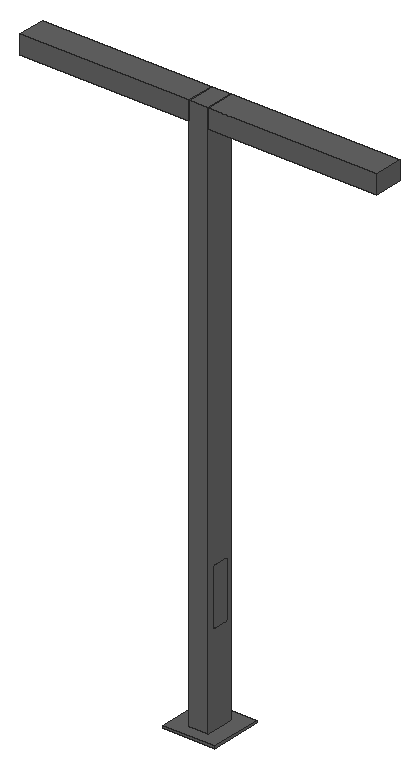
Revit family "Lin2-9.84ft-Double Head", category Lighting Fixtures, Revit 2022
Family settings
  Round Connector Dimension = Use Diameter
  Part Type = Normal
  OmniClass Number = 23.80.70.00
  OmniClass Title = Lighting
  Work Plane-Based = No
  Always vertical = Yes
  Cut with Voids When Loaded = No
  Light Source = No
  Maintain Annotation Orientation = No
  Shared = No
  Room Calculation Point = No
Parameters (values of type "LIN2-80W-3000K-V-9.84ft")
  Wattage Comments = "80W"
  URL = "https://www.abovealllighting.com/Product/LED-OUTDOOR-FIXTURES/LEDMOONSERIESPOSTTOP/MACKLINColumnLight.html"
  Power Factor = "0.9"
  Model = "LIN2-8030801-V-BK"
  Manufacturer = "Above All Lighting"  # constant formula
  Load Classification = Lighting
  Lamp = "LED"
  Input Voltage = "120-277V"
  IP Rating = "IP65"
  IES = LIN2 IES : 80W-V
  H = 9' - 10.07928"
  Default Elevation = 0' - 0"
  CRI = "80"
Types (17): name | Wattage Comments | Model | IES
  (no name) | "80W" | "LIN2-8030801-V-BK" | LIN2 IES : 80W-V
  LIN2-70W-3000K-II-9.84ft | "70W" | "LIN2-7030801-II-BK" | LIN2 IES : 70W-II
  LIN2-70W-3000K-III-9.84ft | "70W" | "LIN2-7030801-III-BK" | LIN2 IES : 70W-III
  LIN2-70W-3000K-IV-9.84ft | "70W" | "LIN2-7030801-IV-BK" | LIN2 IES : 70W-IV
  LIN2-70W-3000K-V-9.84ft | "70W" | "LIN2-7030801-V-BK" | LIN2 IES : 70W-V
  LIN2-80W-3000K-II-9.84ft | "80W" | "LIN2-8030801-II-BK" | LIN2 IES : 80W-II
  LIN2-80W-3000K-III-9.84ft | "80W" | "LIN2-8030801-III-BK" | LIN2 IES : 80W-III
  LIN2-80W-3000K-IV-9.84ft | "80W" | "LIN2-8030801-IV-BK" | LIN2 IES : 80W-IV
  LIN2-80W-3000K-V-9.84ft | "80W" | "LIN2-8030801-V-BK" | LIN2 IES : 80W-V
  LIN2-100W-3000K-II-9.84ft | "100W" | "LIN2-10030801-II-BK" | LIN2 IES : 100W-II
  LIN2-100W-3000K-III-9.84ft | "100W" | "LIN2-10030801-III-BK" | LIN2 IES : 100W-III
  LIN2-100W-3000K-IV-9.84ft | "100W" | "LIN2-10030801-IV-BK" | LIN2 IES : 100W-IV
  LIN2-100W-3000K-V-9.84ft | "100W" | "LIN2-10030801-V-BK" | LIN2 IES : 100W-V
  LIN2-120W-3000K-II-9.84ft | "120W" | "LIN2-12030801-II-BK" | LIN2 IES : 120W-II
  LIN2-120W-3000K-III-9.84ft | "120W" | "LIN2-12030801-III-BK" | LIN2 IES : 120W-III
  LIN2-120W-3000K-IV-9.84ft | "120W" | "LIN2-12030801-IV-BK" | LIN2 IES : 120W-IV
  LIN2-120W-3000K-V-9.84ft | "120W" | "LIN2-12030801-V-BK" | LIN2 IES : 120W-V
Reference planes (in)
  plane 1 "Light Source Axis (F/B)": y = 0
  plane 2: z = 0
  plane 3 "Light Source Axis (L/R)": x = 0
  plane 4 "Light Source Elevation": z = 114.13928
  plane 5: z = 118.07928
  plane 6: x = -1.99
  plane 7: x = 1.99
  plane 8: x = 37.42
  plane 9: z = 114.13928
Forms (in)
  Extrusion 1, solid, material "Metal, Paint Finish, White, Matte"
    sketch origin (0, 0, 0) x (1, 0, 0) y (0, 1, 0)
      loop
        line (-1.99, 2.95) -> (-1.99, -2.95) -> (1.99, -2.95) -> (1.99, 2.95) -> (-1.99, 2.95)
    from 0 to 118.07928
  Extrusion 2, solid, material "Metal, Paint Finish, White, Matte"
    sketch origin (0, 0, 0) x (1, 0, 0) y (0, 1, 0)
      loop
        line (1.99, 2.95) -> (1.99, -2.95) -> (37.42, -2.95) -> (37.42, 2.95) -> (1.99, 2.95)
    from 114.13928 to 118.07928
  Extrusion 3, solid, material "Metal, Paint Finish, White, Matte"
    sketch origin (0, 0, 0) x (1, 0, 0) y (0, 1, 0)
      loop
        line (-5.51, 5.51) -> (-5.51, -5.51) -> (5.51, -5.51) -> (5.51, 5.51) -> (-5.51, 5.51)
    from 0 to 0.394
  Extrusion 4, solid, material "Glass, White, High Luminance"
    sketch origin (1.10399, 0, 0) x (1, 0, 0) y (0, 1, 0)
      loop
        line (20.18595, 1.42747) -> (20.18595, -1.42747) -> (29.42, -1.42747) -> (29.42, 1.42747) -> (20.18595, 1.42747)
    from 114.06559 to 114.13928
  Extrusion 5, solid, material "Metal, Paint Finish, White, Matte"
    sketch origin (0, 0, 0) x (0, 1, 0) y (0, 0, 1)
      loop
        arc (-1.27, 31.5) -> (-1.62355, 31.35355) -> (-1.77, 31) r 0.5
        line (-1.77, 31) -> (-1.77, 20.19)
        arc (-1.77, 20.19) -> (-1.62355, 19.83645) -> (-1.27, 19.69) r 0.5
        line (-1.27, 19.69) -> (1.27, 19.69)
        arc (1.27, 19.69) -> (1.62355, 19.83645) -> (1.77, 20.19) r 0.5
        line (1.77, 20.19) -> (1.77, 31)
        arc (1.77, 31) -> (1.62355, 31.35355) -> (1.27, 31.5) r 0.5
        line (1.27, 31.5) -> (-1.27, 31.5)
    from 1.99 to 2.21533
  Extrusion 6, solid, material "Glass, White, High Luminance"
    sketch origin (-11.39601, 0, 0) x (1, 0, 0) y (0, 1, 0)
      loop
        line (20.18595, 1.42747) -> (20.18595, -1.42747) -> (29.42, -1.42747) -> (29.42, 1.42747) -> (20.18595, 1.42747)
    from 114.06559 to 114.13928
  Extrusion 7, solid, material "Metal, Paint Finish, White, Matte"
    sketch origin (0, 0, 0) x (-1, 0, 0) y (0, -1, 0)
      loop
        line (1.99, -2.95) -> (37.42, -2.95) -> (37.42, 2.95) -> (1.99, 2.95) -> (1.99, -2.95)
    from 114.13928 to 118.07928
  Extrusion 8, solid, material "Glass, White, High Luminance"
    sketch origin (-1.10399, 0, 0) x (-1, 0, 0) y (0, -1, 0)
      loop
        line (20.18595, -1.42747) -> (29.42, -1.42747) -> (29.42, 1.42747) -> (20.18595, 1.42747) -> (20.18595, -1.42747)
    from 114.06559 to 114.13928
  Extrusion 9, solid, material "Glass, White, High Luminance"
    sketch origin (11.39601, 0, 0) x (-1, 0, 0) y (0, -1, 0)
      loop
        line (20.18595, -1.42747) -> (29.42, -1.42747) -> (29.42, 1.42747) -> (20.18595, 1.42747) -> (20.18595, -1.42747)
    from 114.06559 to 114.13928
Dimensions and locks (in)
  locked: plane 5 to plane 9 at 3.94
  locked: plane 8 to Extrusion 1 at 39.41
  "H": plane 5 to level
  locked: Extrusion 3 to Extrusion 3 at 0.394
  locked: Extrusion 1 to Extrusion 1 at 5.9
  locked: Extrusion 3 to Extrusion 3 at 11.02  (x2)
  locked: Extrusion 4 to Extrusion 2 at 0.07369
  locked: plane 8 to Extrusion 1 at 35.43
  locked: Extrusion 8 to Extrusion 7 at 0.07369
  aligned and locked: level to plane 2
  aligned and locked: Extrusion 1 to level
  aligned and locked: plane 5 to Extrusion 1
  aligned and locked: Extrusion 2 sketch curve to Extrusion 1  (x2)
  aligned and locked: plane 5 to Extrusion 2
  aligned and locked: plane 9 to Extrusion 2
  aligned and locked: Extrusion 2 to Extrusion 1
  aligned and locked: Extrusion 1 to plane 5
  aligned and locked: Extrusion 3 to level
  aligned and locked: plane 9 to plane 4 "Light Source Elevation"
  aligned and locked: Extrusion 4 to plane 9
  aligned and locked: Extrusion 5 to Extrusion 1
  aligned and locked: Extrusion 6 to plane 9
  aligned and locked: Extrusion 6 to Extrusion 4
  aligned and locked: Extrusion 9 to Extrusion 8
  aligned and locked: plane 5 to Extrusion 7
  aligned and locked: plane 9 to Extrusion 7
  aligned and locked: Extrusion 8 to plane 9
  aligned and locked: Extrusion 9 to plane 9
  aligned and locked: Extrusion 9 to Extrusion 4
  aligned and locked: Extrusion 8 to Extrusion 4
  aligned and locked: plane 9 to nested 1
  aligned and locked: nested 2 to plane 9
Automatic sketch dimensions
  Extrusion 1 sketch curve to plane 6 = 0' - 0"
  Extrusion 1 sketch curve to plane 7 = 0' - 0"
  plane 1 "Light Source Axis (F/B)" to Extrusion 1 sketch curve = 0' - 2.95"
  Extrusion 1 sketch curve to plane 1 "Light Source Axis (F/B)" = 0' - 2.95"
  Extrusion 2 sketch curve to plane 7 = 0' - 0"
  Extrusion 2 sketch curve to plane 8 = 0' - 0"
  plane 6 to Extrusion 3 sketch curve = 0' - 3.52"
  plane 7 to Extrusion 3 sketch curve = 0' - 3.52"
  plane 1 "Light Source Axis (F/B)" to Extrusion 3 sketch curve = 0' - 5.51"
  Extrusion 3 sketch curve to plane 1 "Light Source Axis (F/B)" = 0' - 5.51"
  plane 1 "Light Source Axis (F/B)" to Extrusion 4 sketch curve = 0' - 1.42747"
  Extrusion 4 sketch curve to plane 8 = 1' - 4.13006"
  Extrusion 4 sketch curve to plane 8 = 0' - 6.89601"
  Extrusion 4 sketch curve to plane 1 "Light Source Axis (F/B)" = 0' - 1.42747"
  plane 1 "Light Source Axis (F/B)" to Extrusion 5 sketch curve = 0' - 1.77"
  Extrusion 5 sketch curve to Extrusion 5 sketch curve = 0' - 0 1/2"  (x3)
  Extrusion 5 sketch curve to plane 1 "Light Source Axis (F/B)" = 0' - 1.27"  (x2)
  level to Extrusion 5 sketch curve = 1' - 7.69"
  Extrusion 5 sketch curve to Extrusion 5 sketch curve = 0' - 10.81"
  plane 1 "Light Source Axis (F/B)" to Extrusion 6 sketch curve = 0' - 1.42747"
  plane 7 to Extrusion 6 sketch curve = 0' - 6.79994"
  Extrusion 6 sketch curve to Extrusion 6 sketch curve = 0' - 9.23405"
  Extrusion 6 sketch curve to plane 1 "Light Source Axis (F/B)" = 0' - 1.42747"
  Extrusion 7 sketch curve to plane 6 = 0' - 0"
  plane 1 "Light Source Axis (F/B)" to Extrusion 7 sketch curve = 0' - 2.95"
  Extrusion 7 sketch curve to Extrusion 7 sketch curve = 2' - 11.43"
  Extrusion 7 sketch curve to plane 1 "Light Source Axis (F/B)" = 0' - 2.95"
  plane 1 "Light Source Axis (F/B)" to Extrusion 8 sketch curve = 0' - 1.42747"
  plane 6 to Extrusion 8 sketch curve = 1' - 7.29994"
  Extrusion 8 sketch curve to Extrusion 8 sketch curve = 0' - 9.23405"
  Extrusion 8 sketch curve to plane 1 "Light Source Axis (F/B)" = 0' - 1.42747"
  plane 1 "Light Source Axis (F/B)" to Extrusion 9 sketch curve = 0' - 1.42747"
  plane 6 to Extrusion 9 sketch curve = 0' - 6.79994"
  Extrusion 9 sketch curve to Extrusion 9 sketch curve = 0' - 9.23405"
  Extrusion 9 sketch curve to plane 1 "Light Source Axis (F/B)" = 0' - 1.42747"
Nested families (in)
  nested 1: "LIN2 IES" at (-5.35027, 0, 114.13928), type <- "IES", type "80W-V"
    with built-in parameter 1001306 3.9583 (stored number, unit not read)
  nested 2: "LIN2 IES" at (5.35027, 0, 114.13928) x (-1, 0, 0) z (0, 0, 1), type <- "IES", type "80W-V"
    with built-in parameter 1001306 3.9583 (stored number, unit not read)
Definition of nested family "LIN2 IES"
  Parameters (values of type "120W-V")
    Wattage = 105.095 W
    built-in parameter 1150110 = 1 (stored number, unit not read)
    built-in parameter 1114217 = 1 (stored number, unit not read)
    Tilt Angle = 90.00°
    built-in parameter 1150109 = 1 (stored number, unit not read)
    built-in parameter 1150134 = (empty or 0)
    built-in parameter 1150113 = 1 (stored number, unit not read)
    Power Factor = ""
    Photometric Web File = "LIN2-12030801-V-BK.IES"
    Manufacturer = "Above All Lighting"
    built-in parameter 1150105 = 9127.9 (stored number, unit not read)
    Lumens = 15611 lm
    built-in parameter 1150115 = 1 (stored number, unit not read)
    Load Classification = none
    built-in parameter 1150137 = (empty or 0)
    built-in parameter 1150139 = (empty or 0)
    built-in parameter 1001306 [instance] = 2' - 0 103/128"
    built-in parameter 1150112 = 1 (stored number, unit not read)
    built-in parameter 1150114 = 1 (stored number, unit not read)
    Input Voltage = ""
    built-in parameter 1150132 = 2
    built-in parameter 1150102 = (empty or 0)
    built-in parameter 1150107 = 3000 (stored number, unit not read)
    built-in parameter 1150138 = (empty or 0)
    built-in parameter 1150106 = 91.279 (stored number, unit not read)
    IP Rating = ""
    built-in parameter 1150104 = 13.8 (stored number, unit not read)
    Dimming Lamp Color Temperature Shift = (empty or 0)
    Default Elevation = 0' - 0"
    Color Filter = 16777215
    CRI = ""
    built-in parameter 1114218 = 1 (stored number, unit not read)
    built-in parameter 1150133 = 10 (stored number, unit not read)
  Types (17): name | Wattage | Photometric Web File | built-in parameter 1150105 | Lumens | built-in parameter 1150106
    (no name) | 105.095 W | "LIN2-12030801-V-BK.IES" | 9127.9 (stored number, unit not read) | 15611 lm | 91.279 (stored number, unit not read)
    70W-II | 68.8492 W | "LIN2-7030801-III-BK.IES" | 813.84 (stored number, unit not read) | 10227 lm | 8.1384 (stored number, unit not read)
    70W-III | 62.4335 W | "LIN2-7030801-III-BK.IES" | 4085.7 (stored number, unit not read) | 9274 lm | 40.857 (stored number, unit not read)
    70W-IV | 69.2599 W | "LIN2-7030801-IV-BK.IES" | 4532.4 (stored number, unit not read) | 10288 lm | 45.324 (stored number, unit not read)
    70W-V | 67.1527 W | "LIN2-7030801-V-BK.IES" | 5934.8 (stored number, unit not read) | 9975 lm | 59.348 (stored number, unit not read)
    80W-II | 75.1034 W | "LIN2-8030801-II-BK.IES" | 5865.9 (stored number, unit not read) | 11156 lm | 58.659 (stored number, unit not read)
    80W-III | 68.8156 W | "LIN2-8030801-III-BK.IES" | 5305.2 (stored number, unit not read) | 10222 lm | 53.052 (stored number, unit not read)
    80W-IV | 77.3923 W | "LIN2-8030801-IV-BK.IES" | 5052.3 (stored number, unit not read) | 11496 lm | 50.523 (stored number, unit not read)
    80W-V | 75.2245 W | "LIN2-8030801-V-BK.IES" | 6605.1 (stored number, unit not read) | 11174 lm | 66.051 (stored number, unit not read)
    100W-II | 90.7353 W | "LIN2-10030801-II-BK.IES" | 7068.7 (stored number, unit not read) | 13478 lm | 70.687 (stored number, unit not read)
    100W-III | 81.8355 W | "LIN2-10030801-III-BK.IES" | 6304.7 (stored number, unit not read) | 12156 lm | 63.047 (stored number, unit not read)
    100W-IV | 92.8761 W | "LIN2-10030801-IV-BK.IES" | 6055.6 (stored number, unit not read) | 13796 lm | 60.556 (stored number, unit not read)
    100W-V | 90.567 W | "LIN2-10030801-V-BK.IES" | 7891.5 (stored number, unit not read) | 13453 lm | 78.915 (stored number, unit not read)
    120W-II | 104.449 W | "LIN2-12030801-II-BK.IES" | 8102.7 (stored number, unit not read) | 15515 lm | 81.027 (stored number, unit not read)
    120W-III | 93.7984 W | "LIN2-12030801-III-BK.IES" | 7255.2 (stored number, unit not read) | 13933 lm | 72.552 (stored number, unit not read)
    120W-IV | 104.583 W | "LIN2-12030801-IV-BK.IES" | 6794.2 (stored number, unit not read) | 15535 lm | 67.942 (stored number, unit not read)
    120W-V | 105.095 W | "LIN2-12030801-V-BK.IES" | 9127.9 (stored number, unit not read) | 15611 lm | 91.279 (stored number, unit not read)
  Reference planes (in)
    plane 1 "Center (Front/Back)": y = 0
    plane 2: z = 0
    plane 3 "Left": x = 0
    plane 4 "Right": x = 24.80469
  Lines and regions (in)
    reference lines
      curve 1: line (0, 0, 0) -> (24.80469, 0, 0)
  Dimensions and locks (in)
    "built-in parameter 1001306": plane 3 "Left" to plane 4 "Right"
    aligned and locked: plane 4 "Right" to curve 1
    aligned and locked: plane 1 "Center (Front/Back)" to curve 1
    aligned and locked: plane 3 "Left" to curve 1
    aligned and locked: level to plane 2
